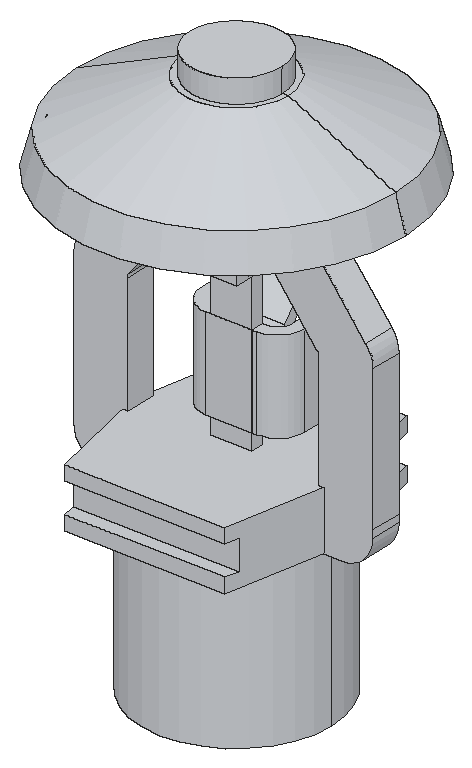
Revit family
Parameters (values of type "RASCO J168")
  Temperature Rating = 286 °F
  Response = (empty or 0)
  RASCO SIN # = "RA1124"
  RASCO Part # = "J1683"
  Pressure Rating = "175 PSI"
  Pressure Class = (empty or 0)
  Orifice Size = 3/4"
  Orifice = (empty or 0)
  Model = "J168"
  Manufacturer = "RASCO"
  K-Factor = 16.8
  Diameter = 3/4"
  Description = "BRONZE FINISH"
  Coverage = (empty or 0)
Reference planes (in)
  plane 1 "Center (Front/Back)": y = 0
  plane 2: z = 0
  plane 3 "Center (Left/Right)": x = 0
Nested families (in)
  nested 1: "RASCO- J1681" at (0, 1.16592, 0), type "RASCO J168"
Connectors (in)
  piping at (0, 1.16592, 0)
    settings: on nested 1, index 1, connector radius 1/2", flow factor 0, pipe flow 0 GPM, pressure drop 0.00 psi, fitting loss kfactor 0, connector angle 0.00°, fixture units 0, flow configuration 0, flow direction 0, fitting loss method 0, system type 7, connector reference index -1, connector utility 0, adjustable connector no, is connector primary yes, fitting loss table "", connector description ""
Definition of nested family "RASCO- J1681"
  Parameters (values of type "RASCO J168")
    Type Comments = ""
    Temperature Rating = 0 °F
    Response = (empty or 0)
    Pressure Rating = "0"
    Pressure Class = (empty or 0)
    Orifice Size = 0"
    Orifice = (empty or 0)
    Model = ""
    Manufacturer = ""
    K-Factor = 0
    Description = ""
    Coverage = (empty or 0)
    Assembly Code = ""
  Reference planes (in)
    plane 1 "Center (Front/Back)": y = 0
    plane 2: z = 0
    plane 3 "REF.1": z = 0.888
    plane 4 "top": z = 2.8125
    plane 5: x = -0.81624
    plane 6: x = 0.81332
    plane 7 "ref.2": z = 2.12402
    plane 8 "head": z = 2.72724
    plane 9 "left/right center": x = 0
    plane 10 "screw": z = 1.98251
    plane 11 "link2": through (0, -0.02489, 1.21079) normal (0, 0.6767, -0.7363)
    plane 12: z = 3.125
    plane 13: z = 1.213
  Forms (in)
    Extrusion 1, solid
      sketch origin (0, 0, 0) x (1, 0, 0) y (0, 1, 0)
        loop
          circle (0, 0) r 0.5221
      from 0 to 0.888
    Extrusion 2, solid
      sketch origin (0, 0, 0.888) x (-1, 0, 0) y (0, -1, 0)
        loop
          line (-0.43619, -0.62052) -> (0.4375, -0.62052) -> (0.56391, 0) -> (0.4375, 0.62052) -> (-0.43619, 0.62052) -> (-0.56259, 0) -> (-0.43619, -0.62052)
      from 0 to 0.325
    Extrusion 3, solid
      sketch origin (0, 0, 0) x (1, 0, 0) y (0, 0, 1)
        loop
          line (-0.5221, 0.888) -> (-0.5221, 1.098) -> (-0.5221, 1.86141)
          arc (-0.5221, 1.86141) -> (-0.5194, 1.87757) -> (-0.51161, 1.89198) r 0.04979
          line (-0.51161, 1.89198) -> (-0.21764, 2.26989) -> (-0.00066, 2.26989) -> (0.20278, 2.26989) -> (0.5115, 1.87435)
          arc (0.5115, 1.87435) -> (0.51938, 1.85983) -> (0.5221, 1.84354) r 0.05007
          line (0.5221, 1.84354) -> (0.5221, 1.098) -> (0.5221, 0.888) -> (0.64763, 0.888)
          arc (0.64763, 0.888) -> (0.76676, 0.93734) -> (0.8161, 1.05647) r 0.16847
          line (0.8161, 1.05647) -> (0.8161, 1.098) -> (0.8161, 1.88537)
          arc (0.8161, 1.88537) -> (0.80631, 1.94391) -> (0.77801, 1.99608) r 0.17993
          line (0.77801, 1.99608) -> (0.32662, 2.5744) -> (-0.32864, 2.5744) -> (-0.77818, 1.99651)
          arc (-0.77818, 1.99651) -> (-0.80636, 1.94441) -> (-0.8161, 1.88599) r 0.18
          line (-0.8161, 1.88599) -> (-0.8161, 1.098) -> (-0.8161, 1.05594)
          arc (-0.8161, 1.05594) -> (-0.76691, 0.93719) -> (-0.64816, 0.888) r 0.16794
          line (-0.64816, 0.888) -> (-0.5221, 0.888)
      from -0.08649 to 0.08732
    Revolve 4, solid
      sketch origin (0, 0, 0) x (1, 0, 0) y (0, 0, 1)
        loop
          line (-0.00066, 2.81189) -> (-0.32516, 2.81189)
          arc (-0.32516, 2.81189) -> (-0.339, 2.80616) -> (-0.34473, 2.79233) r 0.01957
          line (-0.34473, 2.79233) -> (-0.34473, 2.57443)
          arc (-0.34473, 2.57443) -> (-0.34132, 2.5437) -> (-0.33127, 2.51445) r 0.14031
          line (-0.33127, 2.51445) -> (-0.03397, 2.17619) -> (-0.00066, 2.17619) -> (-0.00066, 2.81189)
        axis (-0.00066, 2.81189) -> (-0.00066, 2.17619)
      angle from 0 to 360
    Extrusion 5, solid
      sketch origin (0, 0, 2.8125) x (-1, 0, 0) y (0, -1, 0)
        loop
          circle (0, 0) r 0.25
      from 0 to 0.3125
    Revolve 6, solid
      sketch origin (0, 0, 0) x (1, 0, 0) y (0, 0, 1)
        loop
          line (0, 2.99796) -> (-0.28606, 2.99796) -> (-0.87155, 2.72724) -> (-0.92272, 2.53626) -> (-0.87452, 2.53626) -> (-0.83546, 2.68206) -> (-0.27232, 2.94244) -> (0, 2.94244) -> (0, 2.99796)
        axis (0, 2.99796) -> (0, 2.53626)
      angle from 0 to 360
    Extrusion 7, solid
      sketch origin (0, 0, 0) x (1, 0, 0) y (0, 0, 1)
        loop
          line (0.10934, 1.213) -> (0.10934, 2.12264) -> (-0.11066, 2.12264) -> (-0.11066, 1.213) -> (0.10934, 1.213)
      from -0.03602 to 0.03346
    Extrusion 8, void
      sketch origin (0, 0, 0) x (0, 0, -1) y (0, -1, 0)
        loop
          line (-1.13167, -0.5226) -> (-1.13167, -0.74386) -> (-0.96882, -0.74386) -> (-0.96882, -0.5226) -> (-1.13167, -0.5226)
        loop
          line (-1.13167, 0.71629) -> (-1.13167, 0.54387) -> (-0.96882, 0.54387) -> (-0.96882, 0.71629) -> (-1.13167, 0.71629)
      from -0.56259 to 0.56391
    Extrusion 9, solid
      sketch origin (0, 0, 0) x (1, 0, 0) y (0, 1, 0)
        loop
          line (-0.13782, -0.03346) -> (0.13824, -0.03346)
          arc (0.13824, -0.03346) -> (0.24228, 0.00963) -> (0.28537, 0.11367) r 0.14713
          line (0.28537, 0.11367) -> (0.28537, 0.36654) -> (0.21637, 0.36654) -> (0.21637, 0.12177)
          arc (0.21637, 0.12177) -> (0.19125, 0.06113) -> (0.13062, 0.03602) r 0.08575
          line (0.13062, 0.03602) -> (-0.12969, 0.03602)
          arc (-0.12969, 0.03602) -> (-0.19046, 0.06119) -> (-0.21563, 0.12195) r 0.08594
          line (-0.21563, 0.12195) -> (-0.21563, 0.36654) -> (-0.28463, 0.36654) -> (-0.28463, 0.11335)
          arc (-0.28463, 0.11335) -> (-0.24163, 0.00954) -> (-0.13782, -0.03346) r 0.14681
      from 1.30472 to 1.80738
    Extrusion 10, solid
      sketch origin (0, 0, 0) x (0, 0, -1) y (0, -1, 0)
        loop
          circle (-1.56307, -0.22442) r 0.13793
      from -0.21637 to 0.21563
    Extrusion 11, solid
      sketch origin (0, 0, 0) x (0, 0, -1) y (0, -1, 0)
        loop
          arc (-2.17619, -0.26024) -> (-2.1058, -0.36958) -> (-1.97714, -0.35076) r 0.12011
          line (-1.97714, -0.35076) -> (-1.74478, -0.14809)
          arc (-1.74478, -0.14809) -> (-1.6682, -0.1024) -> (-1.58045, -0.08649) r 0.25
          line (-1.58045, -0.08649) -> (-1.42416, -0.08649) -> (-1.42416, -0.03602) -> (-1.5818, -0.03602)
          arc (-1.5818, -0.03602) -> (-1.69102, -0.05581) -> (-1.78634, -0.11268) r 0.31117
          line (-1.78634, -0.11268) -> (-1.99985, -0.29891)
          arc (-1.99985, -0.29891) -> (-2.07893, -0.31048) -> (-2.12219, -0.24328) r 0.07382
          line (-2.12219, -0.24328) -> (-2.12219, 0.21398) -> (-2.17619, 0.21398) -> (-2.17619, -0.26024)
      from -0.17291 to 0.17375
  Cuts and joins
    Extrusion 8 cuts Extrusion 2
    Extrusion 8 cuts Extrusion 3
  Dimensions and locks (in)
    plane 5 to Extrusion 9 = 0' - 1.10161"
